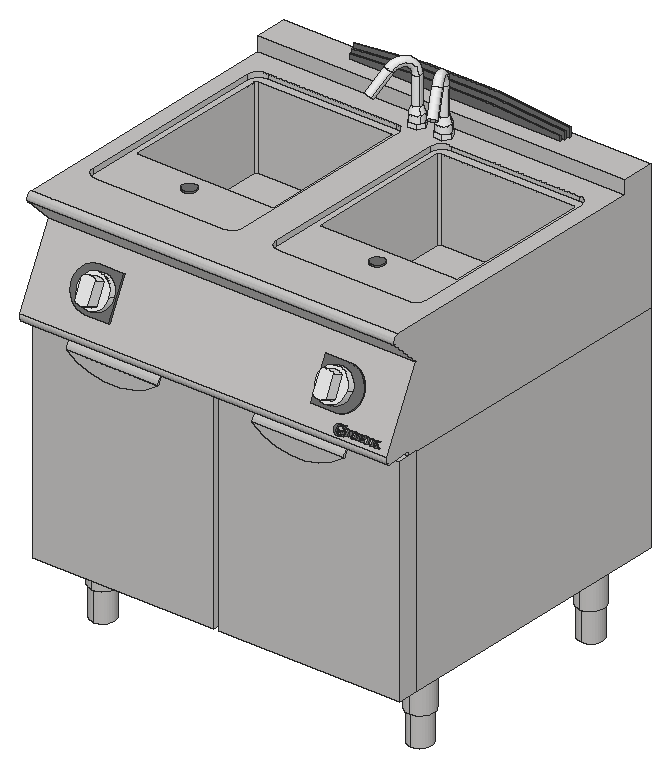
Revit family "QF_GIORIK_CPE746", category Specialty Equipment, Revit 2014
Parameters (values of type "CPE746")
  Weight in Pounds = 154.3234
  Watts = 11000 W
  Waste Water Discharge Temperature [instance] = 0 °C
  Volts = 400 V
  URL Cutsheet = "www.giorik.com"
  URL = "www.giorik.com"
  Status [instance] = ""
  Specification by User [instance] = ""
  Specification by Manufacturer = ""
  Show Logo [instance] = yes
  Show Clearance [instance] = yes
  Serial Number = ""
  Seismic Rating = ""
  SMACNA No = ""
  Revision Code [instance] = ""
  Plumbing Remarks [instance] = ""
  Plumbing Connection Type [instance] = ""
  Phase = 3
  Number of Poles [instance] = 3
  NAFEM Spec ID Number = ""
  Model = "CPE746"
  Min Ckt Ampacity = 0 A
  Max Overcurrent Protection = 0 A
  Masterspec = ""
  Manufacturer = "GIORIK"
  Item Number [instance] = ""
  Installed By [instance] = ""
  Indirect Waste Size = 1"
  Indirect Waste Flow = 0.0 L/s
  Indirect Waste Connection Type [instance] = ""
  Indirect Waste Connection Height [instance] = 150 mm
  Identify Quantity as Lot [instance] = no
  HP = "14.751220000000"
  Furnished By [instance] = ""
  Foodservice Equipment Identifier [instance] = yes
  FL Amps = 0 A
  Electrical Remarks [instance] = ""
  Electric Connection Type [instance] = ""
  Elec Conn RI Height [instance] = 0 mm
  Elec Conn Connection Height [instance] = 150 mm
  Description = "26+26 LITRE TWIN TANK ELECTRIC PASTA COOKER."
  Cycle = 50 Hz
  Conn Plug = ""
  Conn Conduit [instance] = no
  Cold Water Temperature Recommended = 0 °C
  Cold Water Size = 1/2"
  Cold Water RI Height [instance] = 0 mm
  Cold Water Minimum Pressure = 20000.0 Pa
  Cold Water Maximum Pressure = 50000.0 Pa
  Cold Water Flow [instance] = 0.0 L/s
  Cold Water Consumption [instance] = ""
  Cold Water Connection Height [instance] = 0 mm
  CSI MasterFormat = ""
  Assembly Code = "E1090320"
  Apparent Power = 11000 VA
Reference planes
  plane 1 "Back": y = 0
  plane 2: z = 0
  plane 3 "Left": x = 0
  plane 4 "Right": x = 800
  plane 5 "Front": y = -720
  plane 6 "Top": z = 900
Forms (mm)
  Extrusion 1, solid, visible <- "Show Logo"
    sketch origin (586.604, -736.761, 609.486) x (-1, 0, 0) y (0, 0.452718, 0.891654)
      loop
        line (-118.824, 58.358) -> (-127.804, 58.358) -> (-125.523, 56.445) -> (-125.523, 48.027) -> (-127.804, 46.113) -> (-118.824, 46.113) -> (-121.105, 48.027) -> (-121.105, 56.445) -> (-118.824, 58.358)
      loop
        line (-163.721, 58.358) -> (-172.7, 58.358) -> (-170.42, 56.445) -> (-170.42, 48.027) -> (-172.7, 46.113) -> (-163.721, 46.113) -> (-166.001, 48.027) -> (-166.001, 56.445) -> (-163.721, 58.358)
      loop
        line (-174.332, 58.358) -> (-183.312, 58.358) -> (-181.031, 56.445) -> (-181.031, 52.435) -> (-186.419, 56.955) -> (-184.416, 58.358) -> (-191.268, 58.358) -> (-188.01, 56.839) -> (-185.455, 54.283) -> (-190.846, 47.858) -> (-193.396, 46.93) -> (-193.396, 46.113) -> (-184.416, 46.113) -> (-185.437, 47.571) -> (-182.443, 51.552) -> (-181.031, 50.894) -> (-181.031, 48.027) -> (-183.312, 46.113) -> (-174.332, 46.113) -> (-176.613, 48.027) -> (-176.613, 56.445) -> (-174.332, 58.358)
      loop
        line (-115.429, 62.063) -> (-115.429, 54.198)
        arc (-115.429, 54.198) -> (-111.618, 57.803) -> (-106.847, 59.986) r 16.039
        arc (-106.847, 59.986) -> (-103.314, 59.837) -> (-100.512, 57.68) r 5.851
        arc (-100.512, 57.68) -> (-98.815, 52.267) -> (-100.512, 46.853) r 9.479
        arc (-100.512, 46.853) -> (-102.406, 44.986) -> (-104.846, 43.93) r 7.236
        arc (-104.846, 43.93) -> (-107.728, 44.111) -> (-110.052, 45.825) r 5.11
        line (-110.052, 45.825) -> (-110.052, 52.001) -> (-116.141, 52.001) -> (-116.141, 45.503) -> (-117.893, 43.751) -> (-114.094, 44.769)
        arc (-114.094, 44.769) -> (-112.56, 44.947) -> (-111.129, 44.366) r 3.115
        arc (-111.129, 44.366) -> (-104.216, 42.091) -> (-97.303, 44.366) r 11.641
        arc (-97.303, 44.366) -> (-93.396, 52.107) -> (-97.303, 59.849) r 9.622
        arc (-97.303, 59.849) -> (-104.369, 62.174) -> (-111.435, 59.849) r 11.898
        line (-111.435, 59.849) -> (-115.429, 62.063)
      loop
        arc (-129.234, 56.068) -> (-135.893, 58.628) -> (-142.552, 56.068) r 9.941
        arc (-142.552, 56.068) -> (-144.234, 52.286) -> (-142.552, 48.505) r 5.093
        arc (-142.552, 48.505) -> (-135.893, 45.945) -> (-129.234, 48.505) r 9.941
        arc (-129.234, 48.505) -> (-127.552, 52.286) -> (-129.234, 56.068) r 5.093
      loop
        arc (-132.628, 54.403) -> (-135.893, 57.668) -> (-139.158, 54.403) r 3.265
        line (-139.158, 54.403) -> (-139.158, 50.169)
        arc (-139.158, 50.169) -> (-135.893, 46.904) -> (-132.628, 50.169) r 3.265
        line (-132.628, 50.169) -> (-132.628, 54.403)
      loop
        arc (-156.363, 58.365) -> (-159.647, 55.081) -> (-156.363, 51.796) r 3.285
        line (-156.363, 51.796) -> (-159.529, 47.306) -> (-162.087, 46.113) -> (-155.847, 46.113) -> (-153.529, 51.083) -> (-150.637, 51.083) -> (-150.637, 47.784) -> (-153.022, 46.113) -> (-144.011, 46.113) -> (-146.094, 47.68) -> (-146.094, 56.493) -> (-144.229, 58.365) -> (-156.363, 58.365)
      loop
        line (-150.637, 57.512) -> (-153.637, 57.512)
        arc (-153.637, 57.512) -> (-156.237, 54.912) -> (-153.637, 52.312) r 2.6
        line (-153.637, 52.312) -> (-150.637, 52.312) -> (-150.637, 57.512)
      loop
        line (-108.924, 52.001) -> (-104.936, 49.005) -> (-100.948, 52.001) -> (-108.924, 52.001)
    from 1.5 to -0.5
  Extrusion 2, solid
    sketch origin (-16, 1025.81, 0) x (1, 0, 0) y (0, 1, 0)
      loop
        line (25, -1086.81) -> (25, -1156.81) -> (115, -1156.81) -> (115, -1086.81) -> (25, -1086.81)
    from 148 to 150
  Extrusion 3, solid
    sketch origin (35, -65, 130) x (1, 0, 0) y (0, 1, 0)
      loop
        circle (54, -385) r 12.5
    from 0 to 20
  Extrusion 4, solid
    sketch origin (0, 1000, -20) x (0, 1, 0) y (0, 0, 1)
      loop
        line (-1000, 919.988) -> (-1070, 919.988) -> (-1070, 889.988) -> (-1688.806, 889.988)
        arc (-1688.806, 889.988) -> (-1699.151, 883.075) -> (-1696.724, 870.873) r 11.197
        line (-1696.724, 870.873) -> (-1640.876, 815.025) -> (-1718.948, 661.258)
        arc (-1718.948, 661.258) -> (-1718.233, 650.105) -> (-1708.118, 645.354) r 10.981
        line (-1708.118, 645.354) -> (-1660, 649.925) -> (-1660, 640) -> (-1000, 640) -> (-1000, 919.988)
    from 0 to 800
  Extrusion 5, solid
    sketch origin (0, 0, 599.536) x (1, 0, 0) y (0, 1, 0)
      loop
        line (0, -640) -> (40, -640) -> (40, -40) -> (760, -40) -> (760, -640) -> (800, -640) -> (800, 0) -> (0, 0) -> (0, -640)
    from -449.536 to 20.464
  Extrusion 6, solid
    sketch origin (0, 0, 0) x (1, 0, 0) y (0, 1, 0)
      loop
        line (40, -40) -> (40, -640) -> (760, -640) -> (760, -40) -> (40, -40)
    from 150 to 190
  Extrusion 7, solid
    sketch origin (-16, 560.81, 0) x (1, 0, 0) y (0, 1, 0)
      loop
        line (25, -1086.81) -> (25, -1156.81) -> (115, -1156.81) -> (115, -1086.81) -> (25, -1086.81)
    from 148 to 150
  Revolve 8, solid
    sketch origin (54, 560.81, 0) x (0, 1, 0) y (0, 0, 1)
      loop
        line (-1092.56, 66) -> (-1092.56, 148) -> (-1121.81, 148) -> (-1121.81, 0) -> (-1096.81, 0) -> (-1096.81, 66) -> (-1092.56, 66)
      axis (-1121.81, 0) -> (-1121.81, 148)
    angle from 0 to 360
  Revolve 9, solid
    sketch origin (54, 1025.81, 0) x (0, 1, 0) y (0, 0, 1)
      loop
        line (-1092.56, 66) -> (-1092.56, 148) -> (-1121.81, 148) -> (-1121.81, 0) -> (-1096.81, 0) -> (-1096.81, 66) -> (-1092.56, 66)
      axis (-1121.81, 0) -> (-1121.81, 148)
    angle from 0 to 360
  Extrusion 10, solid
    sketch origin (816, 560.81, 0) x (-1, 0, 0) y (0, -1, 0)
      loop
        line (25, 1086.81) -> (115, 1086.81) -> (115, 1156.81) -> (25, 1156.81) -> (25, 1086.81)
    from 148 to 150
  Revolve 11, solid
    sketch origin (746, 560.81, 0) x (0, 1, 0) y (0, 0, -1)
      loop
        line (-1092.56, -66) -> (-1096.81, -66) -> (-1096.81, 0) -> (-1121.81, 0) -> (-1121.81, -148) -> (-1092.56, -148) -> (-1092.56, -66)
      axis (-1121.81, 0) -> (-1121.81, -148)
    angle from 0 to 360
  Extrusion 12, solid
    sketch origin (816, -1217.81, 0) x (-1, 0, 0) y (0, -1, 0)
      loop
        line (25, -1086.81) -> (25, -1156.81) -> (115, -1156.81) -> (115, -1086.81) -> (25, -1086.81)
    from 148 to 150
  Revolve 13, solid
    sketch origin (746, -1217.81, 0) x (0, -1, 0) y (0, 0, 1)
      loop
        line (-1092.56, 66) -> (-1092.56, 148) -> (-1121.81, 148) -> (-1121.81, 0) -> (-1096.81, 0) -> (-1096.81, 66) -> (-1092.56, 66)
      axis (-1121.81, 0) -> (-1121.81, 148)
    angle from 0 to 360
  Extrusion 14, solid
    sketch origin (-283.221, -963.345, 52.363) x (1, 0, 0) y (0, 0.452718, 0.891654)
      loop
        line (463.221, 676.25) -> (463.221, 766.25) -> (409.698, 766.25)
        arc (409.698, 766.25) -> (364.698, 721.25) -> (409.698, 676.25) r 45
        line (409.698, 676.25) -> (463.221, 676.25)
    from 48 to 50
  Extrusion 15, solid
    sketch origin (491.331, -1008.697, 74.959) x (-1, 0, 0) y (0, -0.45351, -0.891251)
      loop
        circle (351.331, -721.346) r 35
    from 0 to 15
  Extrusion 16, solid
    sketch origin (491.331, -1008.697, 74.959) x (-1, 0, 0) y (0, -0.45351, -0.891251)
      loop
        arc (336.331, -743.846) -> (351.331, -748.846) -> (366.331, -743.846) r 25
        line (366.331, -743.846) -> (366.331, -698.846)
        arc (366.331, -698.846) -> (351.331, -693.846) -> (336.331, -698.846) r 25
        line (336.331, -698.846) -> (336.331, -743.846)
    from 15 to 40
  Extrusion 17, void
    sketch origin (0, 0, 819.988) x (0, 1, 0) y (-1, 0, 0)
      loop
        arc (-120, -60) -> (-127.322, -42.322) -> (-145, -35) r 25
        line (-145, -35) -> (-565.002, -35)
        arc (-565.002, -35) -> (-582.68, -42.322) -> (-590.002, -60) r 25
        line (-590.002, -60) -> (-590.002, -340)
        arc (-590.002, -340) -> (-582.68, -357.678) -> (-565.002, -365) r 25
        line (-565.002, -365) -> (-145, -365)
        arc (-145, -365) -> (-127.322, -357.678) -> (-120, -340) r 25
        line (-120, -340) -> (-120, -60)
    from -137.243 to 50
  Extrusion 18, solid
    sketch origin (-224, -316, 100) x (0, 1, 0) y (-1, 0, 0)
      loop
        circle (-54, -313) r 6.5
    from 30 to 50
  Extrusion 19, solid
    sketch origin (136, -286, 100) x (0, 1, 0) y (-1, 0, 0)
      loop
        circle (-129, -162) r 12.4
    from 30 to 50
  Extrusion 20, solid
    sketch origin (0, 0, 809.988) x (0, 1, 0) y (-1, 0, 0)
      loop
        line (-140, -345) -> (-140, -55)
        arc (-140, -55) -> (-141.464, -51.464) -> (-145, -50) r 5
        line (-145, -50) -> (-460.364, -50)
        arc (-460.364, -50) -> (-463.899, -51.464) -> (-465.364, -55) r 5
        line (-465.364, -55) -> (-465.364, -345)
        arc (-465.364, -345) -> (-463.899, -348.536) -> (-460.364, -350) r 5
        line (-460.364, -350) -> (-145, -350)
        arc (-145, -350) -> (-141.464, -348.536) -> (-140, -345) r 5
      loop
        arc (-126.33, -368.87) -> (-119.259, -365.941) -> (-116.33, -358.87) r 10
        line (-116.33, -358.87) -> (-116.33, -40.28)
        arc (-116.33, -40.28) -> (-119.259, -33.209) -> (-126.33, -30.28) r 10
        line (-126.33, -30.28) -> (-586, -30.28)
        arc (-586, -30.28) -> (-593.071, -33.209) -> (-596, -40.28) r 10
        line (-596, -40.28) -> (-596, -358.87)
        arc (-596, -358.87) -> (-593.071, -365.941) -> (-586, -368.87) r 10
        line (-586, -368.87) -> (-126.33, -368.87)
    from -136.122 to 50
  Extrusion 21, solid
    sketch origin (-4.529, -25.827, 861.988) x (0, 1, 0) y (-1, 0, 0)
      loop
        circle (-476.382, -199.529) r 15
    from -2 to 0
  Extrusion 22, solid
    sketch origin (1083.221, -963.345, 52.363) x (-1, 0, 0) y (0, -0.452718, -0.891654)
      loop
        line (463.221, -676.25) -> (409.698, -676.25)
        arc (409.698, -676.25) -> (364.698, -721.25) -> (409.698, -766.25) r 45
        line (409.698, -766.25) -> (463.221, -766.25) -> (463.221, -676.25)
    from 48 to 50
  Extrusion 23, solid
    sketch origin (308.669, -1008.697, 74.959) x (1, 0, 0) y (0, 0.45351, 0.891251)
      loop
        circle (351.331, 721.346) r 35
    from 0 to 15
  Extrusion 24, solid
    sketch origin (308.669, -1008.697, 74.959) x (1, 0, 0) y (0, 0.45351, 0.891251)
      loop
        line (336.331, 743.846) -> (336.331, 698.846)
        arc (336.331, 698.846) -> (351.331, 693.846) -> (366.331, 698.846) r 25
        line (366.331, 698.846) -> (366.331, 743.846)
        arc (366.331, 743.846) -> (351.331, 748.846) -> (336.331, 743.846) r 25
    from 15 to 40
  Extrusion 25, solid
    sketch origin (800, 0, 809.988) x (0, 1, 0) y (-1, 0, 0)
      loop
        arc (-140, 345) -> (-141.464, 348.536) -> (-145, 350) r 5
        line (-145, 350) -> (-460.364, 350)
        arc (-460.364, 350) -> (-463.899, 348.536) -> (-465.364, 345) r 5
        line (-465.364, 345) -> (-465.364, 55)
        arc (-465.364, 55) -> (-463.899, 51.464) -> (-460.364, 50) r 5
        line (-460.364, 50) -> (-145, 50)
        arc (-145, 50) -> (-141.464, 51.464) -> (-140, 55) r 5
        line (-140, 55) -> (-140, 345)
      loop
        line (-126.33, 368.87) -> (-586, 368.87)
        arc (-586, 368.87) -> (-593.071, 365.941) -> (-596, 358.87) r 10
        line (-596, 358.87) -> (-596, 40.28)
        arc (-596, 40.28) -> (-593.071, 33.209) -> (-586, 30.28) r 10
        line (-586, 30.28) -> (-126.33, 30.28)
        arc (-126.33, 30.28) -> (-119.259, 33.209) -> (-116.33, 40.28) r 10
        line (-116.33, 40.28) -> (-116.33, 358.87)
        arc (-116.33, 358.87) -> (-119.259, 365.941) -> (-126.33, 368.87) r 10
    from -136.122 to 50
  Extrusion 26, solid
    sketch origin (804.529, -25.827, 861.988) x (0, 1, 0) y (-1, 0, 0)
      loop
        circle (-476.382, 199.529) r 15
    from -2 to 0
  Extrusion 27, solid
    sketch origin (36.031, 0, -10.001) x (1, 0, 0) y (0, 0, 1)
      loop
        line (135, 909.989) -> (592.969, 909.989) -> (592.969, 919.989) -> (440.969, 929.989) -> (287, 929.989) -> (135, 919.989) -> (135, 909.989)
    from 32 to 35
  Extrusion 28, solid
    sketch origin (38, 10, -10.001) x (1, 0, 0) y (0, 0, 1)
      loop
        line (594, 909.989) -> (594, 924.989) -> (440, 937.489) -> (284, 937.489) -> (130, 925.001) -> (130, 909.989) -> (594, 909.989)
    from 32 to 35
  Extrusion 29, solid
    sketch origin (40, 20, -10.001) x (1, 0, 0) y (0, 0, 1)
      loop
        line (595, 909.989) -> (595, 930.001) -> (439, 945.258) -> (281, 945.258) -> (125, 929.989) -> (125, 909.989) -> (595, 909.989)
    from 32 to 35
  Extrusion 30, void
    sketch origin (400, 0, 819.988) x (0, 1, 0) y (-1, 0, 0)
      loop
        arc (-120, -60) -> (-127.322, -42.322) -> (-145, -35) r 25
        line (-145, -35) -> (-565.002, -35)
        arc (-565.002, -35) -> (-582.68, -42.322) -> (-590.002, -60) r 25
        line (-590.002, -60) -> (-590.002, -340)
        arc (-590.002, -340) -> (-582.68, -357.678) -> (-565.002, -365) r 25
        line (-565.002, -365) -> (-145, -365)
        arc (-145, -365) -> (-127.322, -357.678) -> (-120, -340) r 25
        line (-120, -340) -> (-120, -60)
    from -137.243 to 50
  Extrusion 31, solid
    sketch origin (536, -286, 100) x (0, 1, 0) y (-1, 0, 0)
      loop
        circle (-129, -162) r 12.4
    from 30 to 50
  Revolve 32, solid
    sketch origin (-199.89, 177.988, -15.012) x (0.898794, -0.438371, 0) y (0, 0, 1)
      loop
        line (635, 895) -> (650, 895) -> (650, 910) -> (645, 925) -> (635, 925) -> (635, 895)
      axis (635, 925) -> (635, 895)
    angle from 0 to 360
  Sweep 33, solid
    path origin (474.739, 112.637, -15.012) x (0.438371, 0.898794, 0) y (0, 0, 1)
      loop
        line (-237, 925) -> (-237, 986.382)
        arc (-237, 986.382) -> (-256.494, 1014.482) -> (-289.641, 1006.064) r 30
        line (-289.641, 1006.064) -> (-326.852, 963.258)
    profile origin (370.845, -100.377, 940.679) x (-0.438371, -0.898794, 0) y (0.898794, -0.438371, 0)
      loop
        circle (0, 0) r 9
  Extrusion 34, solid
    sketch origin (-679.354, 1018.797, 884.988) x (-0.779686, 0.626171, 0) y (-0.626171, -0.779686, 0)
      loop
        line (-1502.427, 209.668) -> (-1506.406, 227.223) -> (-1523.598, 232.555) -> (-1536.811, 220.332) -> (-1532.833, 202.777) -> (-1515.641, 197.445) -> (-1502.427, 209.668)
    from -15 to -5
  Revolve 35, solid
    sketch origin (999.89, 177.988, -15.012) x (-0.898794, -0.438371, 0) y (0, 0, -1)
      loop
        line (635, -895) -> (635, -925) -> (645, -925) -> (650, -910) -> (650, -895) -> (635, -895)
      axis (635, -925) -> (635, -895)
    angle from 0 to 360
  Sweep 36, solid
    path origin (325.261, 112.637, -15.012) x (-0.438371, 0.898794, 0) y (0, 0, -1)
      loop
        line (-237, -925) -> (-237, -986.382)
        arc (-237, -986.382) -> (-256.494, -1014.482) -> (-289.641, -1006.064) r 30
        line (-289.641, -1006.064) -> (-326.852, -963.258)
    profile origin (429.155, -100.377, 940.679) x (-0.438371, 0.898794, 0) y (-0.898794, -0.438371, 0)
      loop
        circle (0, 0) r 9
  Extrusion 37, solid
    sketch origin (1479.354, 1018.797, 884.988) x (0.779686, 0.626171, 0) y (-0.626171, 0.779686, 0)
      loop
        line (-1502.427, -209.668) -> (-1515.641, -197.445) -> (-1532.833, -202.777) -> (-1536.811, -220.332) -> (-1523.598, -232.555) -> (-1506.406, -227.223) -> (-1502.427, -209.668)
    from -15 to -5
  Extrusion 38, solid
    sketch origin (0, -725, 0) x (1, 0, 0) y (0, 0, 1)
      loop
        line (0, 620) -> (0, 150) -> (395, 150) -> (395, 620) -> (0, 620)
      loop
        line (405, 150) -> (800, 150) -> (800, 620) -> (405, 620) -> (405, 150)
    from -85 to -40
  Extrusion 39, solid
    sketch origin (0, -725, -20.1) x (0, 1, 0) y (0, 0, 1)
      loop
        arc (25, 640.1) -> (14.393, 635.707) -> (10, 625.1) r 15
        line (10, 625.1) -> (12, 625.1)
        arc (12, 625.1) -> (15.808, 634.292) -> (25, 638.1) r 13
        line (25, 638.1) -> (40, 638.1) -> (40, 640.1) -> (25, 640.1)
    from 97.5 to 297.5
  Extrusion 40, solid
    sketch origin (0, -724.905, -20.1) x (1, 0, 0) y (0, 0, 1)
      loop
        arc (97.5, 625.1) -> (197.5, 590.089) -> (297.5, 625.1) r 160.316
        line (297.5, 625.1) -> (97.5, 625.1)
    from -11.905 to -9.905
  Extrusion 41, solid
    sketch origin (405, -725, -20.1) x (0, 1, 0) y (0, 0, 1)
      loop
        arc (25, 640.1) -> (14.393, 635.707) -> (10, 625.1) r 15
        line (10, 625.1) -> (12, 625.1)
        arc (12, 625.1) -> (15.808, 634.292) -> (25, 638.1) r 13
        line (25, 638.1) -> (40, 638.1) -> (40, 640.1) -> (25, 640.1)
    from 97.5 to 297.5
  Extrusion 42, solid
    sketch origin (405, -724.905, -20.1) x (1, 0, 0) y (0, 0, 1)
      loop
        arc (97.5, 625.1) -> (197.5, 590.089) -> (297.5, 625.1) r 160.316
        line (297.5, 625.1) -> (97.5, 625.1)
    from -11.905 to -9.905
  Extrusion 43, solid, visible <- "Show Clearance", detail levels coarse
    sketch origin (0, -725, 0) x (1, 0, 0) y (0, 1, 0)
      loop
        line (0, 40) -> (0, -355)
        arc (0, -355) -> (279.307, -239.307) -> (395, 40) r 395
        line (395, 40) -> (0, 40)
      loop
        line (800, 40) -> (405, 40)
        arc (405, 40) -> (520.693, -239.307) -> (800, -355) r 395
        line (800, -355) -> (800, 40)
    from 150 to 620
Cuts and joins
  Extrusion 17, Extrusion 30 cuts Extrusion 4
  Extrusion 30 cuts Extrusion 20
  Extrusion 30 cuts Extrusion 21
Lines and regions (mm)
  symbolic lines, style "200-EquipBorder-2D"
    curve 1: line (0, -720, 0) -> (800, -720, 0)
    curve 2: line (800, -720, 0) -> (800, 0, 0)
    curve 3: line (800, 0, 0) -> (0, 0, 0)
    curve 4: line (0, 0, 0) -> (0, -720, 0)
    curve 78: line (125, -727.413, 900) -> (125, -720, 900)
    curve 79: line (155, -727.413, 900) -> (155, -720, 900)
    curve 80: arc (125, -727.413, 900) -> (140, -729.872, 900) -> (155, -727.413, 900) r 46.976
    curve 81: arc (645, -727.413, 900) -> (660, -729.716, 900) -> (675, -727.413, 900) r 49.998
    curve 82: line (675, -727.413, 900) -> (675, -720, 900)
    curve 83: line (645, -727.413, 900) -> (645, -720, 900)
  symbolic lines, style "200-EquipInternal-2D"
    curve 5: line (0, -70, 900) -> (800, -70, 900)
    curve 6: line (340, -120, 900) -> (60, -120, 900)
    curve 7: arc (60, -120, 900) -> (42.322, -127.322, 900) -> (35, -145, 900) r 25
    curve 8: line (35, -145, 900) -> (35, -565, 900)
    curve 9: arc (350.2, -122.175, 900) -> (345.215, -120.55, 900) -> (340, -120, 900) r 25
    curve 10: arc (340, -590, 900) -> (357.678, -582.678, 900) -> (365, -565, 900) r 25
    curve 11: line (60, -590, 900) -> (340, -590, 900)
    curve 12: arc (35, -565, 900) -> (42.322, -582.678, 900) -> (60, -590, 900) r 25
    curve 13: line (55, -140, 900) -> (341.506, -140, 900)
    curve 14: line (345, -465.364, 900) -> (55, -465.364, 900)
    curve 15: arc (55, -140, 900) -> (51.464, -141.464, 900) -> (50, -145, 900) r 5
    curve 16: arc (350, -460.364, 900) -> (348.536, -463.899, 900) -> (345, -465.364, 900) r 5
    curve 17: circle (195, -502.209, 900) r 15 normal (0, 0, 1)
    curve 18: line (50, -460.364, 900) -> (50, -145, 900)
    curve 19: line (350, -163.646, 900) -> (350, -460.364, 900)
    curve 20: line (460, -120, 900) -> (740, -120, 900)
    curve 21: arc (740, -120, 900) -> (757.678, -127.322, 900) -> (765, -145, 900) r 25
    curve 22: line (765, -145, 900) -> (765, -565, 900)
    curve 23: line (435, -565, 900) -> (435, -145.035, 900)
    curve 24: arc (460, -590, 900) -> (442.322, -582.678, 900) -> (435, -565, 900) r 25
    curve 25: line (740, -590, 900) -> (460, -590, 900)
    curve 26: arc (765, -565, 900) -> (757.678, -582.678, 900) -> (740, -590, 900) r 25
    curve 27: line (745, -140, 900) -> (458.494, -140, 900)
    curve 28: line (455, -465.364, 900) -> (745, -465.364, 900)
    curve 29: arc (745, -140, 900) -> (748.536, -141.464, 900) -> (750, -145, 900) r 5
    curve 30: arc (450, -460.364, 900) -> (451.464, -463.899, 900) -> (455, -465.364, 900) r 5
    curve 31: circle (605, -502.209, 900) r 15 normal (0, 0, -1)
    curve 32: line (750, -460.364, 900) -> (750, -145, 900)
    curve 33: line (165, -15, 900) -> (635, -15, 900)
    curve 34: line (171.031, -35, 900) -> (629, -35, 900)
    curve 35: line (629, -32, 900) -> (171.031, -32, 900)
    curve 36: line (168, -25, 900) -> (632, -25, 900)
    curve 37: line (171.031, -32, 900) -> (171.031, -35, 900)
    curve 38: line (168, -22, 900) -> (168, -25, 900)
    curve 39: line (165, -12, 900) -> (165, -15, 900)
    curve 40: line (635, -12, 900) -> (165, -12, 900)
    curve 41: line (632, -22, 900) -> (168, -22, 900)
    curve 42: line (635, -15, 900) -> (635, -12, 900)
    curve 43: line (632, -25, 900) -> (632, -22, 900)
    curve 44: line (629, -35, 900) -> (629, -32, 900)
    curve 45: line (365, -565.002, 900) -> (365, -145, 900)
    curve 46: arc (363.394, -136.184, 900) -> (364.595, -140.519, 900) -> (365, -145, 900) r 25
    curve 47: line (450, -460.364, 900) -> (450, -163.646, 900)
    curve 48: line (352.889, -101.633, 900) -> (360.779, -85.455, 900)
    curve 49: line (360.779, -85.455, 900) -> (378.735, -84.199, 900)
    curve 50: line (378.735, -84.199, 900) -> (388.801, -99.122, 900)
    curve 51: line (388.801, -99.122, 900) -> (380.91, -115.3, 900)
    curve 52: line (378.934, -104.323, 900) -> (339.545, -185.081, 900)
    curve 53: line (323.367, -177.19, 900) -> (362.756, -96.432, 900)
    curve 54: line (352.889, -101.633, 900) -> (357.143, -107.94, 900)
    curve 55: line (373.321, -115.831, 900) -> (380.91, -115.3, 900)
    curve 56: line (411.199, -99.122, 900) -> (421.265, -84.199, 900)
    curve 57: line (421.265, -84.199, 900) -> (439.221, -85.455, 900)
    curve 58: line (439.221, -85.455, 900) -> (447.111, -101.633, 900)
    curve 59: line (419.09, -115.3, 900) -> (411.199, -99.122, 900)
    curve 60: line (421.066, -104.323, 900) -> (460.455, -185.081, 900)
    curve 61: line (476.633, -177.19, 900) -> (437.244, -96.432, 900)
    curve 62: line (419.09, -115.3, 900) -> (426.679, -115.831, 900)
    curve 63: line (442.857, -107.94, 900) -> (447.111, -101.633, 900)
    curve 64: arc (421.066, -104.323, 900) -> (425.21, -92.288, 900) -> (437.244, -96.432, 900) r 9
    curve 65: arc (378.934, -104.323, 900) -> (374.79, -92.288, 900) -> (362.756, -96.432, 900) r 9
    curve 66: arc (323.367, -177.19, 900) -> (328.359, -187.486, 900) -> (339.545, -185.081, 900) r 9.265
    curve 67: arc (476.633, -177.19, 900) -> (471.645, -187.493, 900) -> (460.455, -185.081, 900) r 9.262
    curve 68: arc (426.328, -115.111, 900) -> (422.582, -86.899, 900) -> (442.506, -107.22, 900) r 15
    curve 69: arc (373.673, -115.108, 900) -> (377.42, -86.895, 900) -> (357.495, -107.217, 900) r 15
    curve 70: arc (449.8, -122.175, 900) -> (454.785, -120.55, 900) -> (460, -120, 900) r 24.999
    curve 71: arc (436.606, -136.184, 900) -> (435.405, -140.537, 900) -> (435, -145.035, 900) r 25.192
    curve 76: arc (745, -465.364, 900) -> (748.536, -463.899, 900) -> (750, -460.364, 900) r 5
    curve 77: arc (50, -460.364, 900) -> (51.464, -463.899, 900) -> (55, -465.364, 900) r 5
  symbolic lines, style "QF_Door-Drawer Clearances", visible <- "Show Clearance", detail levels coarse
    curve 72: arc (0, -1080, 0) -> (266.646, -976.419, 0) -> (393.446, -720, 0) r 395
    curve 73: arc (406.554, -720, 0) -> (533.354, -976.419, 0) -> (800, -1080, 0) r 395
    curve 74: line (800, -1080, 0) -> (800, -720, 0)
    curve 75: line (0, -720, 0) -> (0, -1080, 0)
Dimensions and locks
  plane 3 "Left" to plane 4 "Right" = 800 mm
  plane 5 "Front" to plane 1 "Back" = 720 mm
  plane 4 "Right" to plane 3 "Left" = 800 mm
  plane 1 "Back" to plane 5 "Front" = 720 mm
  plane 6 "Top" to level = 900 mm  (x2)
  aligned and locked: level to plane 2
Connectors
  piping at (89, -370, 130), diameter 12.7, driven by "Cold Water Size", driven by "Cold Water Flow"
    settings: on Extrusion 18, index 2, connector inside diameter 24", connector length 0 mm, flow factor 0, pipe flow 0.0 L/s, pressure drop 0.0 Pa, fitting loss kfactor 0, connector angle 0.00°, fixture units 0, engagement length 0 mm, angle of deflection 0.00°, flow configuration 1, flow direction 1, fitting loss method 0, system type 20, joint type 0, gender type 0, connector reference index -1, connector utility 0, adjustable connector no, is connector primary yes, connector description "Water inlet"
  piping at (298, -415, 130), diameter 25.4
    settings: on Extrusion 19, index 3, connector inside diameter 24", connector length 0 mm, flow factor 0, pipe flow 0.0 L/s, pressure drop 0.0 Pa, fitting loss kfactor 0, connector angle 0.00°, fixture units 0, engagement length 0 mm, angle of deflection 0.00°, flow configuration 1, flow direction 2, fitting loss method 0, system type 22, joint type 0, gender type 0, connector reference index -1, connector utility 0, adjustable connector no, is connector primary no, connector description "Drain connection"
  piping at (698, -415, 130), diameter 25.4
    settings: on Extrusion 31, index 5, connector inside diameter 24", connector length 0 mm, flow factor 0, pipe flow 0.0 L/s, pressure drop 0.0 Pa, fitting loss kfactor 0, connector angle 0.00°, fixture units 0, engagement length 0 mm, angle of deflection 0.00°, flow configuration 1, flow direction 2, fitting loss method 0, system type 22, joint type 0, gender type 0, connector reference index -1, connector utility 0, adjustable connector no, is connector primary no, connector description "Drain connection"
  electrical at (89, -450, 130), driven by "Apparent Power", driven by "Volts", driven by "Number of Poles"
    settings: on Extrusion 3, index 6, voltage 400 V, apparent load 0 VA, apparent load phase1 11000 VA, apparent load phase2 0 VA, apparent load phase3 0 VA, power factor 1, load classification "Other", number of poles 3, system type 31, power factor state 1, is connector primary yes, connector utility no, sub classification motor no, connector description "Electrical connection"
